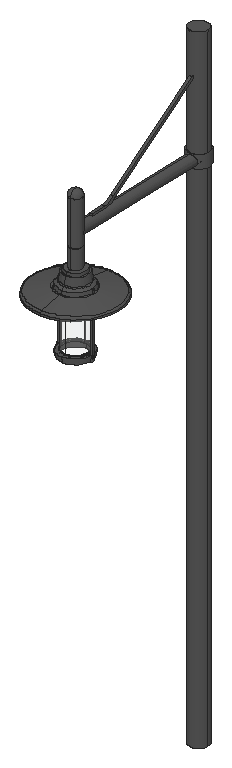
Revit family "Lighting - Current - Slide Pendant2", category Lighting Fixtures, host Face, Revit 2019
Family settings
  Host = Face
  Round Connector Dimension = Use Diameter
  Part Type = Normal
  OmniClass Number = 23.80.70.14
  OmniClass Title = Luminaries for External Lighting
  Cut with Voids When Loaded = No
  Light Source = Yes
  Shared = No
  Room Calculation Point = No
Parameters
  Wattage Comments = "25-112W"  # constant formula
  Wattage = 9.2903 W
  built-in parameter 1150110 = 1 (stored number, unit not read)
  Voltage Comments = "120-277V"  # constant formula
  Voltage = 277 V
  URL = "https://www.currentlighting.com/aal"
  Type Comments = "Light Fixture"  # constant formula
  built-in parameter 1114217 = 1 (stored number, unit not read)
  Tilt Angle = 90.00°
  built-in parameter 1150109 = 1 (stored number, unit not read)
  built-in parameter 1150134 = 3
  built-in parameter 1150113 = 1 (stored number, unit not read)
  Shade - Straight (STS) [instance] = yes
  Product Page URL = "https://www.currentlighting.com/outdoor-lighting/slide-pendant/419894"
  Product Documentation Link = "https://cdn.currentlighting.com/site/specsheet/aal_sld_pendant_spec.pdf"
  Power Factor = 0.9  # constant formula
  Pole Height [instance] = 200.000"
  Photometry Note = "Please load ies file listed under Photometric Web File for accurate rendering."  # constant formula
  Photometric Web File = "SLD2-CM-4S-NL-80L-110-5K7-5QW-XXX.ies"
  Mounting = "Please Refer to the Product Spec Sheet for Mounting Options"  # constant formula
  Model = "Slide - Pendant"  # constant formula
  Manufacturer Email = "https://www.currentlighting.com/contact-us"
  Manufacturer Address = "701 Millenium Blvd,Greenville, SC"  # constant formula
  Manufacturer = "Current Lighting"  # constant formula
  built-in parameter 1150105 = 109.82 (stored number, unit not read)
  Lumens = 1380 lm
  built-in parameter 1150115 = 1 (stored number, unit not read)
  Load Classification = Lighting
  built-in parameter 1150137 = (empty or 0)
  built-in parameter 1150139 = (empty or 0)
  Lens Material = Glass - Current - Transparent
  Lens = yes
  built-in parameter 1150112 = 1 (stored number, unit not read)
  built-in parameter 1150114 = 1 (stored number, unit not read)
  Lamp = "LED"
  LED = LED - Current -  Yellow
  Installation and Service URL = "https://cdn.currentlighting.com/site/installationmanuals/aal_slide_ins.pdf"
  built-in parameter 1150132 = (empty or 0)
  built-in parameter 1150102 = (empty or 0)
  built-in parameter 1150107 = 3200 (stored number, unit not read)
  built-in parameter 1150138 = (empty or 0)
  built-in parameter 1150106 = 1.0982 (stored number, unit not read)
  Housing Material = Paint - Current - Black
  Shade - Flat (FTS) [instance] = no
  Features = "Pendant mount can be integrated onto a variety of decorative arms\r\n3 different shade options (flat, straight, or curve) as well as the ability to have no shade without affecting the performance\r\nA set of three rings can be included on any luminaire configuration to add visual interest or block direct view of LEDs\r\nChoice of 2 or 4 struts to customize based on the application preference\r\nSlide has been designed to offer configurations with or without a lens."  # constant formula
  built-in parameter 1150104 = 13.8 (stored number, unit not read)
  Distribution Patterns = ""
  Dimming Lamp Color Temperature Shift = <None>
  Dimmimng Protocol = "0-10V, 10%-100%, Dusk to Dawn, Scheduling"  # constant formula
  Description = "Slide pendant mount can be integrated onto a variety of decorative arms, giving the luminaire the ability to transform to any setting. The open bottom design also reduces the amount of light lost at nadar, resulting in a higher efficacy product."  # constant formula
  Default Elevation = 48.000"
  Shade - Curve (CTS) [instance] = no
  Copyright = "COPYRIGHT © 2022 HLI SOLUTIONS, INC."  # constant formula
  Controller = "Please Refer to the Product Spec Sheet for Control Options"  # constant formula
  Contact Us = "https://www.currentlighting.com/contact-us"
  Color Rendering Index = ""
  Color Filter = 16777215
  built-in parameter 1114218 = 1 (stored number, unit not read)
  built-in parameter 1150133 = 10 (stored number, unit not read)
  Assembly Code = "D5020200"
  Apparent Load = Wattage  # 9.2903 W
  4 STRUT [instance] = not([2 STRUT])  # no
  3 DECORATIVE RINGS [instance] = yes
  2 STRUT [instance] = yes
Reference planes (in)
  plane 1 "Center (Front/Back)": y = 0
  plane 2: z = 0
  plane 3 "Center (Left/Right)": x = 0
  plane 4: z = 200
  plane 5: z = 166
  plane 6: z = 162
  plane 7: z = 164
  plane 8: z = 164
  plane 9: z = 173.84252
  plane 10: z = 154.15748
  plane 11: z = 175.81102
  plane 12: z = 157.01181
  plane 13: y = -48
  plane 14: y = -48.88583
  plane 15: y = -49.9685
  plane 16: z = 160.26181
  plane 17: z = 159.76181
  plane 18: y = -49.5
  plane 19: z = 164
  plane 20: z = 148.83181
  plane 21: z = 164
  plane 22: z = 165.78205
  plane 23: y = -42
  plane 24: y = -37
  plane 25: y = -33.5
  plane 26: z = 167.28205
  plane 27: z = 188.78205
  plane 28: z = 165.69929
  plane 29: z = 166.19929
  plane 30: x = 0.5
  plane 31: x = -0.5
Forms (in)
  Extrusion 1, solid, material "Paint - Current - Black" <- "Housing Material"
    sketch origin (0, 0, 0) x (1, 0, 0) y (0, 1, 0)
      loop
        circle (0, 0) r 2.95276
    from 0 to 200
  Sweep 2, solid, material "Paint - Current - Black" <- "Housing Material"
    path origin (0, 0, 0) x (1, 0, 0) y (0, 0, 1)
      loop
        line (0, 166) -> (0, 162)
    profile origin (0, 0, 164) x (0, -1, 0) y (1, 0, 0)
      loop
        circle (0, 0) r 2.95276
      loop
        circle (0, 0) r 3.34646
  Sweep 3, solid, material "Paint - Current - Black" <- "Housing Material"
    path origin (0, 0, 0) x (0, 1, 0) y (0, 0, 1)
      loop
        line (0, 164) -> (-48, 164)
    profile origin (0, -24, 164) x (0, 0, -1) y (1, 0, 0)
      loop
        circle (0, 0) r 1.77165
  Revolve 4, solid, material "Paint - Current - Black" <- "Housing Material"
    sketch origin (0, 0, 0) x (0, 1, 0) y (0, 0, 1)
      loop
        line (-49.9685, 154.15748) -> (-48.88583, 154.15748) -> (-48.88583, 157.01181) -> (-48, 157.01181) -> (-48, 175.81102)
        arc (-48, 175.81102) -> (-49.39194, 175.23446) -> (-49.9685, 173.84252) r 1.9685
        line (-49.9685, 173.84252) -> (-49.9685, 160.26181) -> (-49.5, 160.26181) -> (-49.5, 159.76181) -> (-49.9685, 159.76181) -> (-49.9685, 154.15748)
      axis (-48, 175.81102) -> (-48, 154.15748)
    angle from 0 to 360
  Sweep 5, solid, material "Paint - Current - Black" <- "Housing Material"
    path origin (0, 0, 0) x (0, 1, 0) y (0, 0, 1)
      loop
        line (-42, 165.78205) -> (-37, 165.78205)
        arc (-37, 165.78205) -> (-35.09606, 166.17285) -> (-33.5, 167.28205) r 4.83333
        line (-33.5, 167.28205) -> (-0.02381, 188.78205)
    profile origin (0, -39.5, 165.78205) x (0, 0, 1) y (1, 0, 0)
      loop
        line (0.41724, 0.5) -> (-0.08276, 0.5) -> (-0.08276, -0.5) -> (0.41724, -0.5) -> (0.41724, 0.5)
Dimensions and locks (in)
  "Pole Height": plane 4 to level
  locked: plane 4 to plane 7 at 36
  plane 9 to plane 8 to plane 10 = 9.84252" locked, 9.84252" locked
  locked: plane 11 to plane 9 at 1.9685
  locked: plane 12 to plane 10 at 2.85433
  locked: plane 13 to plane 14 at 0.88583
  locked: plane 13 to plane 15 at 1.9685
  locked: plane 16 to plane 17 at 0.5
  locked: plane 13 to plane 18 at 1.5
  locked: plane 17 to plane 12 at 2.75
  locked: plane 19 to plane 4 at 36
  plane 5 to plane 19 to plane 6 = 2.000" locked, 2.000" locked
  locked: plane 4 to plane 8 at 36
  locked: plane 21 to plane 20 at 15.16819
  locked: plane 22 to plane 21 at 1.78205
  locked: plane 24 to plane 23 at 5
  locked: plane 26 to plane 22 at 1.5
  locked: plane 23 to plane 13 at 6
  locked: plane 25 to plane 24 at 3.5
  locked: plane 27 to plane 21 at 24.78205
  equal spacing: plane 31, profile plane, plane 30
  locked: plane 31 to plane 30 at 1
  locked: plane 21 to plane 28 at 1.69929
  locked: plane 28 to plane 29 at 0.5
  locked: plane 13 to plane 1 "Center (Front/Back)" at 48
  locked: plane 4 to plane 21 at 36
  radius of Extrusion 1 sketch curve = 2.95276"
  radius of Sweep 2 sketch curve = 3.34646"
  radius of Sweep 2 sketch curve = 2.95276"
  radius of Sweep 3 sketch curve = 1.77165"
  aligned and locked: plane 2 to host face
  aligned and locked: level to host face
  aligned and locked: plane 1 "Center (Front/Back)" to Extrusion 1 sketch curve
  aligned and locked: plane 3 "Center (Left/Right)" to Extrusion 1 sketch curve
  aligned and locked: Extrusion 1 to host face
  aligned and locked: plane 4 to Extrusion 1
  aligned and locked: plane 5 to Sweep 2 sketch curve
  aligned and locked: plane 6 to Sweep 2 sketch curve
  aligned and locked: Sweep 2 sketch curve to plane 3 "Center (Left/Right)"
  aligned and locked: plane 1 "Center (Front/Back)" to Sweep 3 sketch curve
  aligned and locked: plane 10 to Revolve 4 sketch curve
  aligned and locked: plane 11 to Revolve 4 sketch curve
  aligned and locked: plane 9 to Revolve 4 sketch curve
  aligned and locked: Revolve 4 sketch curve to plane 12
  aligned and locked: plane 13 to Sweep 3 sketch curve
  aligned and locked: Revolve 4 sketch curve to plane 13  (x2)
  aligned and locked: Revolve 4 sketch curve to plane 14
  aligned and locked: plane 13 to nested 1
  aligned and locked: Revolve 4 sketch curve to plane 15  (x2)
  aligned and locked: plane 16 to Revolve 4 sketch curve
  aligned and locked: Revolve 4 sketch curve to plane 18
  aligned and locked: Revolve 4 sketch curve to plane 17
  aligned and locked: plane 22 to Sweep 5 sketch curve
  aligned and locked: Sweep 5 sketch curve to plane 26
  aligned and locked: Sweep 5 sketch curve to plane 29
  aligned and locked: plane 30 to Sweep 5 sketch curve
  aligned and locked: plane 28 to Sweep 5 sketch curve
  aligned and locked: Sweep 5 sketch curve to plane 31
  aligned and locked: plane 27 to Sweep 5 sketch curve
  aligned and locked: imposter light to plane 20
  aligned and locked: imposter light to nested 1
  aligned and locked: nested 1 to imposter light
Automatic sketch dimensions
  host sketch curve to host sketch curve = 96.000"  (x2)
  Sweep 2 sketch curve to Sweep 2 sketch curve = 0.000"  (x2)
  plane 1 "Center (Front/Back)" to Sweep 2 sketch curve = 0.000"
  Sweep 2 sketch curve to profile plane = 0.000"
  Sweep 3 sketch curve to plane 3 "Center (Left/Right)" = 0.000"
  Sweep 3 sketch curve to profile plane = 0.000"
  plane 4 to Revolve 4 sketch curve = 108.08039"
  Revolve 4 sketch curve to Revolve 4 sketch curve = 11.81102"
  Sweep 3 sketch curve to plane 7 = 0.000"
  Sweep 5 sketch curve to plane 23 = 0.000"
  plane 1 "Center (Front/Back)" to Sweep 5 sketch curve = 0.02381"
  Sweep 5 sketch curve to plane 25 = 0.000"
  Sweep 5 sketch curve to plane 24 = 0.000"
Nested families (in)
  nested 1: "Lighting - Current - Slide" at (0, -48, 157.01181) x (1, 0, 0) z (0, 0, -1), 2 STRUT <- "2 STRUT", 4 STRUT <- "4 STRUT", 3 DECORATIVE RINGS <- "3 DECORATIVE RINGS", type "Lighting - Current - Slide"
    with 4 STRUT no, 3 DECORATIVE RINGS yes, 2 STRUT yes, Flat (FTS) no
Connectors (in)
  electrical at (0, -48, 153.81181), driven by "Voltage", driven by "Apparent Load", driven by "Apparent Load", driven by "Power Factor", driven by "Load Classification"
    settings: on nested 1, index 1, voltage 277 V, apparent load 9.2903 W, apparent load phase1 9.2903 W, apparent load phase2 0 W, apparent load phase3 0 W, power factor 0.9, load classification "Lighting", number of poles 1, system type 30, power factor state 1, is connector primary yes, connector utility no, sub classification motor no, connector description ""
Definition of nested family "Lighting - Current - Slide"
  Parameters (values of type "Lighting - Current - Slide")
    STRAIGHT (STS) = yes
    Flat (FTS) = yes
    Lens Material = none
    Lens = yes
    LED = none
    Housing Material = none
    Default Elevation = 48.000"
    CURVE (CTS) = no
    B = 90.00°
    A = -90.00°
    4 STRUT [instance] = no
    3 DECORATIVE RINGS [instance] = yes
    2 STRUT [instance] = yes
  Reference planes (in)
    plane 1 "Center (Front/Back)": y = 0
    plane 2: z = 0
    plane 3 "Center (Left/Right)": x = 0
    plane 4: y = 0.7
    plane 5: z = 2.8
    plane 6: y = 0.75
    plane 7: y = 0.88
    plane 8: z = 2.93
    plane 9: y = 1.58
    plane 10: z = 3.2
    plane 11: y = 1.58967
    plane 12: y = 3.28967
    plane 13: z = 4.03
    plane 14: y = 3.88967
    plane 15: z = 6.38
    plane 16: y = 4.10967
    plane 17: y = 4.35967
    plane 18: z = 6.78
    plane 19: y = 5.25967
    plane 20: z = 7.48
    plane 21: y = 5.425
    plane 22: z = 8.48
    plane 23: y = 4
    plane 24: y = 4.1
    plane 25: y = 4.2
    plane 26: z = 8.28
    plane 27: z = 8.18
    plane 28: z = 8.38
    plane 29: y = 4.2
    plane 30: y = 4
    plane 31: y = 3.84872
    plane 32: z = 8.38
    plane 33: z = 8.28
    plane 34: z = 25.88
    plane 35: z = 8.63
    plane 36: y = 3.74872
    plane 37: y = 5.2
    plane 38: z = 27.75
    plane 39: z = 27.6
    plane 40: y = 5.05
    plane 41: z = 26
    plane 42: y = 4
    plane 43: z = 26.3
    plane 44: z = 26.2
    plane 45: z = 26.1
    plane 46: y = 4.1
    plane 47: y = 4
    plane 48: z = 26.1
    plane 49: z = 26.2
    plane 50: y = 4.15108
    plane 51: y = 4.6
    plane 52: y = 4.75
    plane 53: z = 8.08
    plane 54: y = 1.85
    plane 55: y = 1.65
    plane 56: y = 1.15
    plane 57: y = 0.95
    plane 58: y = 0.45
    plane 59: y = 0.25
    plane 60: y = -1.85
    plane 61: y = -1.65
    plane 62: y = -1.15
    plane 63: y = -0.95
    plane 64: y = -0.45
    plane 65: y = -0.25
    plane 66: x = -1.85
    plane 67: x = -1.65
    plane 68: x = -1.15
    plane 69: x = -0.95
    plane 70: x = -0.45
    plane 71: x = -0.25
    plane 72: x = 1.85
    plane 73: x = 1.65
    plane 74: x = 1.15
    plane 75: x = 0.95
    plane 76: x = 0.45
    plane 77: x = 0.25
    plane 78: z = 8.25
    plane 79: x = -5.625
    plane 80: z = 7.48
    plane 81: z = 7.66
    plane 82: x = -5.55
    plane 83: x = -5.25967
    plane 84: z = 8.44
    plane 85: x = -5.42334
    plane 86: y = 5.625
    plane 87: z = 26.05
    plane 88: z = 27.55
    plane 89: y = 5.05402
    plane 90: y = 5.19481
    plane 91: z = 27.45
    plane 92: x = -5.40307
    plane 93: y = 5.625
    plane 94: z = 7.48
    plane 95: z = 7.66
    plane 96: y = 5.55
    plane 97: y = 5.25967
    plane 98: z = 8.44
    plane 99: y = 5.42334
    plane 100: y = 5.40307
    plane 101: y = -5.625
    plane 102: z = 7.48
    plane 103: z = 7.66
    plane 104: y = -5.55
    plane 105: y = -5.25967
    plane 106: z = 8.44
    plane 107: y = -5.42334
    plane 108: y = -5.40307
    plane 109: x = 5.625
    plane 110: z = 7.48
    plane 111: z = 7.66
    plane 112: x = 5.55
    plane 113: x = 5.25967
    plane 114: z = 8.44
    plane 115: x = 5.42334
    plane 116: x = 5.40307
    plane 117: x = 5.625
    plane 118: z = 26.05
    plane 119: z = 27.55
    plane 120: x = 5.05402
    plane 121: x = 5.19481
    plane 122: z = 27.45
    plane 123: x = -5.625
    plane 124: z = 26.05
    plane 125: z = 27.55
    plane 126: x = -5.05402
    plane 127: x = -5.19481
    plane 128: z = 27.45
    plane 129: y = -5.625
    plane 130: z = 26.05
    plane 131: z = 27.55
    plane 132: y = -5.05402
    plane 133: y = -5.19481
    plane 134: z = 27.45
    plane 135: z = 26.82
    plane 136: x = 5.1
    plane 137: x = 5.4636
    plane 138: z = 26.82
    plane 139: y = -5.1
    plane 140: y = -5.4636
    plane 141: z = 26.82
    plane 142: y = 5.1
    plane 143: y = 5.4636
    plane 144: z = 26.82
    plane 145: x = -5.1
    plane 146: x = -5.4636
    plane 147: x = 5.1
    plane 148: z = 26.82
    plane 149: x = 5.4636
    plane 150: x = -5.1
    plane 151: z = 26.82
    plane 152: x = -5.4636
    plane 153: z = 11.25
    plane 154: z = 11.4
    plane 155: z = 12.9
    plane 156: z = 13.05
    plane 157: z = 14.55
    plane 158: z = 14.7
    plane 159: x = -4.3
    plane 160: x = -5.9
    plane 161: x = -13.5
    plane 162: z = 10.8
    plane 163: x = -13
    plane 164: z = 10.3
    plane 165: z = 9.8
    plane 166: z = 8.43
    plane 167: x = -5.3
    plane 168: x = -6
    plane 169: y = 13.5
    plane 170: y = 13
    plane 171: z = 10.29589
    plane 172: z = 10.8
    plane 173: z = 9.8
    plane 174: y = 6
    plane 175: z = 8.43
    plane 176: y = 5.29705
    plane 177: z = 8.43
    plane 178: y = -13.5
    plane 179: y = -5.3
    plane 180: y = -13
    plane 181: z = 8.93
  Forms (in)
    Extrusion 1, solid
      sketch origin (0, 0, 0) x (1, 0, 0) y (0, 1, 0)
        loop
          line (-48, 48) -> (-48, -48) -> (48, -48) -> (48, 48) -> (-48, 48)
      from 0 to -12
    Revolve 2, solid, material <- "Housing Material"
      sketch origin (0, 0, 0) x (0, 1, 0) y (0, 0, 1)
        loop
          line (0.75, 2.8) -> (0.88, 2.93) -> (1.58, 2.93) -> (1.58967, 3.2) -> (3.28967, 3.2) -> (3.28967, 4.03) -> (3.88967, 4.03) -> (4.10967, 6.38)
          arc (4.10967, 6.38) -> (4.18729, 6.60961) -> (4.35967, 6.78) r 0.52569
          arc (4.35967, 6.78) -> (4.82966, 7.1043) -> (5.25967, 7.48) r 5.00722
          line (5.25967, 7.48) -> (5.425, 8.48) -> (4, 8.48) -> (4, 8.38) -> (4.2, 8.38) -> (4.2, 8.28) -> (4, 8.28) -> (4, 8.18) -> (0, 8.18) -> (0, 8.08) -> (4.35967, 8.08) -> (4.35967, 8.38) -> (5.30711, 8.38) -> (5.16637, 7.52874)
          arc (5.16637, 7.52874) -> (4.75541, 7.17327) -> (4.30766, 6.86541) r 4.90722
          arc (4.30766, 6.86541) -> (4.10249, 6.66261) -> (4.0101, 6.38932) r 0.62569
          line (4.0101, 6.38932) -> (3.79859, 4.13) -> (3.18967, 4.13) -> (3.18967, 3.3) -> (1.49319, 3.3) -> (1.48352, 3.03) -> (0.83858, 3.03) -> (0.65, 2.84142) -> (0.65, 0.1) -> (0, 0.1) -> (0, 0) -> (0.75, 0) -> (0.75, 2.8)
        axis (0, 0) -> (0, 8.48)
      angle from 0 to 360
    Revolve 3, solid, material <- "Lens Material", visible <- "Lens"
      sketch origin (0, 0, 0) x (0, 1, 0) y (0, 0, 1)
        loop
          line (4.2, 8.28) -> (4.2, 8.38) -> (4, 8.38) -> (4, 8.63) -> (3.84872, 8.63) -> (3.84872, 25.88) -> (4, 25.88) -> (4, 26.1) -> (4.15108, 26.1) -> (4.15108, 26.2) -> (3.74872, 26.2) -> (3.74872, 8.28) -> (4.2, 8.28)
        axis (0, 8.28) -> (0, 26.2)
      angle from 0 to 360
    Revolve 4, solid, material <- "Housing Material"
      sketch origin (0, 0, 0) x (0, 1, 0) y (0, 0, 1)
        loop
          line (4.1, 27.5) -> (4.1, 26.3) -> (4.25, 26.3) -> (4.25, 26.1) -> (5.09019, 26.1) -> (4.95894, 27.5) -> (4.1, 27.5)
        loop
          line (4, 27.6) -> (4, 26.2) -> (4.15, 26.2) -> (4.15, 26.1) -> (4, 26.1) -> (4, 26) -> (5.2, 26) -> (5.05, 27.6) -> (4, 27.6)
        axis (0, 26) -> (0, 27.6)
      angle from 0 to 360
    Revolve 5, solid, material <- "Housing Material"
      sketch origin (0, 0, 0) x (0, 1, 0) y (0, 0, 1)
        loop
          arc (4.75, 27.6) -> (4.70607, 27.70607) -> (4.6, 27.75) r 0.15
          line (4.6, 27.75) -> (4.6, 27.6) -> (4.75, 27.6)
        axis (4.6, 27.6) -> (4.6, 27.75)
      angle from 0 to 360
    Revolve 6, solid, material <- "Housing Material"
      sketch origin (0, 0, 0) x (1, 0, 0) y (0, 0, 1)
        loop
          arc (4.75, 27.6) -> (4.70607, 27.70607) -> (4.6, 27.75) r 0.15
          line (4.6, 27.75) -> (4.6, 27.6) -> (4.75, 27.6)
        axis (4.6, 27.6) -> (4.6, 27.75)
      angle from 0 to 360
    Revolve 7, solid, material <- "Housing Material"
      sketch origin (0, 0, 0) x (-1, 0, 0) y (0, 0, 1)
        loop
          arc (4.75, 27.6) -> (4.70607, 27.70607) -> (4.6, 27.75) r 0.15
          line (4.6, 27.75) -> (4.6, 27.6) -> (4.75, 27.6)
        axis (4.6, 27.6) -> (4.6, 27.75)
      angle from 0 to 360
    Revolve 8, solid, material <- "Housing Material"
      sketch origin (0, 0, 0) x (0, -1, 0) y (0, 0, 1)
        loop
          arc (4.75, 27.6) -> (4.70607, 27.70607) -> (4.6, 27.75) r 0.15
          line (4.6, 27.75) -> (4.6, 27.6) -> (4.75, 27.6)
        axis (4.6, 27.6) -> (4.6, 27.75)
      angle from 0 to 360
    Extrusion 9, solid, material <- "LED"
      sketch origin (0, 0, 0) x (1, 0, 0) y (0, 1, 0)
        loop
          line (-1.85, 1.85) -> (-1.85, 1.65) -> (-1.65, 1.65) -> (-1.65, 1.85) -> (-1.85, 1.85)
        loop
          line (-0.45, 1.85) -> (-0.45, 1.65) -> (-0.25, 1.65) -> (-0.25, 1.85) -> (-0.45, 1.85)
        loop
          line (0.25, 1.85) -> (0.25, 1.65) -> (0.45, 1.65) -> (0.45, 1.85) -> (0.25, 1.85)
        loop
          line (-1.15, 1.85) -> (-1.15, 1.65) -> (-0.95, 1.65) -> (-0.95, 1.85) -> (-1.15, 1.85)
        loop
          line (0.95, 1.85) -> (0.95, 1.65) -> (1.15, 1.65) -> (1.15, 1.85) -> (0.95, 1.85)
        loop
          line (1.65, 1.85) -> (1.65, 1.65) -> (1.85, 1.65) -> (1.85, 1.85) -> (1.65, 1.85)
        loop
          line (1.85, 0.95) -> (1.85, 1.15) -> (1.65, 1.15) -> (1.65, 0.95) -> (1.85, 0.95)
        loop
          line (1.85, 0.25) -> (1.85, 0.45) -> (1.65, 0.45) -> (1.65, 0.25) -> (1.85, 0.25)
        loop
          line (1.85, -0.45) -> (1.85, -0.25) -> (1.65, -0.25) -> (1.65, -0.45) -> (1.85, -0.45)
        loop
          line (1.85, -1.15) -> (1.85, -0.95) -> (1.65, -0.95) -> (1.65, -1.15) -> (1.85, -1.15)
        loop
          line (1.85, -1.85) -> (1.85, -1.65) -> (1.65, -1.65) -> (1.65, -1.85) -> (1.85, -1.85)
        loop
          line (1.15, -1.85) -> (1.15, -1.65) -> (0.95, -1.65) -> (0.95, -1.85) -> (1.15, -1.85)
        loop
          line (0.45, -1.85) -> (0.45, -1.65) -> (0.25, -1.65) -> (0.25, -1.85) -> (0.45, -1.85)
        loop
          line (-0.25, -1.85) -> (-0.25, -1.65) -> (-0.45, -1.65) -> (-0.45, -1.85) -> (-0.25, -1.85)
        loop
          line (-0.95, -1.85) -> (-0.95, -1.65) -> (-1.15, -1.65) -> (-1.15, -1.85) -> (-0.95, -1.85)
        loop
          line (-1.65, -1.85) -> (-1.65, -1.65) -> (-1.85, -1.65) -> (-1.85, -1.85) -> (-1.65, -1.85)
        loop
          line (-1.85, -1.15) -> (-1.65, -1.15) -> (-1.65, -0.95) -> (-1.85, -0.95) -> (-1.85, -1.15)
        loop
          line (-1.85, -0.45) -> (-1.65, -0.45) -> (-1.65, -0.25) -> (-1.85, -0.25) -> (-1.85, -0.45)
        loop
          line (-1.65, 0.25) -> (-1.65, 0.45) -> (-1.85, 0.45) -> (-1.85, 0.25) -> (-1.65, 0.25)
        loop
          line (-1.65, 0.95) -> (-1.65, 1.15) -> (-1.85, 1.15) -> (-1.85, 0.95) -> (-1.65, 0.95)
        loop
          line (0.95, 0.95) -> (1.15, 0.95) -> (1.15, 1.15) -> (0.95, 1.15) -> (0.95, 0.95)
        loop
          line (0.95, 0.45) -> (0.95, 0.25) -> (1.15, 0.25) -> (1.15, 0.45) -> (0.95, 0.45)
        loop
          line (0.25, 1.15) -> (0.25, 0.95) -> (0.45, 0.95) -> (0.45, 1.15) -> (0.25, 1.15)
        loop
          line (0.45, 0.45) -> (0.25, 0.45) -> (0.25, 0.25) -> (0.45, 0.25) -> (0.45, 0.45)
        loop
          line (-0.25, 0.25) -> (-0.25, 0.45) -> (-0.45, 0.45) -> (-0.45, 0.25) -> (-0.25, 0.25)
        loop
          line (-0.45, 1.15) -> (-0.45, 0.95) -> (-0.25, 0.95) -> (-0.25, 1.15) -> (-0.45, 1.15)
        loop
          line (-0.95, 0.95) -> (-0.95, 1.15) -> (-1.15, 1.15) -> (-1.15, 0.95) -> (-0.95, 0.95)
        loop
          line (-1.15, 0.45) -> (-1.15, 0.25) -> (-0.95, 0.25) -> (-0.95, 0.45) -> (-1.15, 0.45)
        loop
          line (-1.15, -0.25) -> (-1.15, -0.45) -> (-0.95, -0.45) -> (-0.95, -0.25) -> (-1.15, -0.25)
        loop
          line (-1.15, -1.15) -> (-0.95, -1.15) -> (-0.95, -0.95) -> (-1.15, -0.95) -> (-1.15, -1.15)
        loop
          line (-0.45, -0.95) -> (-0.45, -1.15) -> (-0.25, -1.15) -> (-0.25, -0.95) -> (-0.45, -0.95)
        loop
          line (0.25, -0.95) -> (0.25, -1.15) -> (0.45, -1.15) -> (0.45, -0.95) -> (0.25, -0.95)
        loop
          line (0.95, -0.95) -> (0.95, -1.15) -> (1.15, -1.15) -> (1.15, -0.95) -> (0.95, -0.95)
        loop
          line (-0.45, -0.25) -> (-0.45, -0.45) -> (-0.25, -0.45) -> (-0.25, -0.25) -> (-0.45, -0.25)
        loop
          line (0.25, -0.25) -> (0.25, -0.45) -> (0.45, -0.45) -> (0.45, -0.25) -> (0.25, -0.25)
        loop
          line (0.95, -0.25) -> (0.95, -0.45) -> (1.15, -0.45) -> (1.15, -0.25) -> (0.95, -0.25)
      from 8.18 to 8.25
    Revolve 10, solid, material <- "Housing Material"
      sketch origin (0, 0, 0) x (-1, 0, 0) y (0, 0, 1)
        loop
          line (5.55, 7.66) -> (5.62134, 8.44) -> (5.40307, 8.44) -> (5.25868, 7.48006)
          arc (5.25868, 7.48006) -> (5.43301, 7.52361) -> (5.55, 7.66) r 0.29588
        axis (5.16637, 7.48006) -> (5.16637, 8.44)
      angle from 90 <- "B" to -90 <- "A"
    Revolve 11, solid, material <- "Housing Material", visible <- "4 STRUT"
      sketch origin (0, 0, 0) x (0, 1, 0) y (0, 0, 1)
        loop
          line (5.19481, 26.05) -> (5.625, 26.05) -> (5.625, 27.45)
          arc (5.625, 27.45) -> (5.34433, 27.52754) -> (5.05402, 27.55) r 1.51648
          line (5.05402, 27.55) -> (5.19481, 26.05)
        axis (5.05402, 27.55) -> (5.05402, 26.05)
      angle from 90 <- "B" to -90 <- "A"
    Revolve 12, solid, material <- "Housing Material", visible <- "4 STRUT"
      sketch origin (0, 0, 0) x (0, 1, 0) y (0, 0, 1)
        loop
          line (5.55, 7.66) -> (5.62134, 8.44) -> (5.40307, 8.44) -> (5.25868, 7.48006)
          arc (5.25868, 7.48006) -> (5.43301, 7.52361) -> (5.55, 7.66) r 0.29588
        axis (5.16637, 7.48006) -> (5.16637, 8.44)
      angle from 90 <- "B" to -90 <- "A"
    Revolve 13, solid, material <- "Housing Material", visible <- "4 STRUT"
      sketch origin (0, 0, 0) x (0, -1, 0) y (0, 0, 1)
        loop
          line (5.55, 7.66) -> (5.62134, 8.44) -> (5.40307, 8.44) -> (5.25868, 7.48006)
          arc (5.25868, 7.48006) -> (5.43301, 7.52361) -> (5.55, 7.66) r 0.29588
        axis (5.16637, 7.48006) -> (5.16637, 8.44)
      angle from 90 <- "B" to -90 <- "A"
    Revolve 14, solid, material <- "Housing Material"
      sketch origin (0, 0, 0) x (1, 0, 0) y (0, 0, 1)
        loop
          line (5.55, 7.66) -> (5.62134, 8.44) -> (5.40307, 8.44) -> (5.25868, 7.48006)
          arc (5.25868, 7.48006) -> (5.43301, 7.52361) -> (5.55, 7.66) r 0.29588
        axis (5.16637, 7.48006) -> (5.16637, 8.44)
      angle from 90 <- "B" to -90 <- "A"
    Revolve 15, solid, material <- "Housing Material"
      sketch origin (0, 0, 0) x (1, 0, 0) y (0, 0, 1)
        loop
          line (5.19481, 26.05) -> (5.625, 26.05) -> (5.625, 27.45)
          arc (5.625, 27.45) -> (5.34433, 27.52754) -> (5.05402, 27.55) r 1.51648
          line (5.05402, 27.55) -> (5.19481, 26.05)
        axis (5.05402, 27.55) -> (5.05402, 26.05)
      angle from 90 <- "B" to -90 <- "A"
    Revolve 16, solid, material <- "Housing Material"
      sketch origin (0, 0, 0) x (-1, 0, 0) y (0, 0, 1)
        loop
          line (5.19481, 26.05) -> (5.625, 26.05) -> (5.625, 27.45)
          arc (5.625, 27.45) -> (5.34433, 27.52754) -> (5.05402, 27.55) r 1.51648
          line (5.05402, 27.55) -> (5.19481, 26.05)
        axis (5.05402, 27.55) -> (5.05402, 26.05)
      angle from 90 <- "B" to -90 <- "A"
    Revolve 17, solid, material <- "Housing Material", visible <- "4 STRUT"
      sketch origin (0, 0, 0) x (0, -1, 0) y (0, 0, 1)
        loop
          line (5.19481, 26.05) -> (5.625, 26.05) -> (5.625, 27.45)
          arc (5.625, 27.45) -> (5.34433, 27.52754) -> (5.05402, 27.55) r 1.51648
          line (5.05402, 27.55) -> (5.19481, 26.05)
        axis (5.05402, 27.55) -> (5.05402, 26.05)
      angle from 90 <- "B" to -90 <- "A"
    Revolve 18, solid, material <- "Housing Material", visible <- "4 STRUT"
      sketch origin (0, 0, 0) x (1, 0, 0) y (0, 0, 1)
        loop
          line (5.1, 8.25) -> (5.4636, 8.25) -> (5.4636, 26.82) -> (5.1, 26.82) -> (5.1, 8.25)
        axis (5.1, 8.25) -> (5.1, 26.82)
      angle from 0 to 360
    Revolve 19, solid, material <- "Housing Material", visible <- "4 STRUT"
      sketch origin (0, 0, 0) x (0, -1, 0) y (0, 0, 1)
        loop
          line (5.1, 8.25) -> (5.4636, 8.25) -> (5.4636, 26.82) -> (5.1, 26.82) -> (5.1, 8.25)
        axis (5.1, 8.25) -> (5.1, 26.82)
      angle from 0 to 360
    Revolve 20, solid, material <- "Housing Material", visible <- "4 STRUT"
      sketch origin (0, 0, 0) x (0, 1, 0) y (0, 0, 1)
        loop
          line (5.1, 8.25) -> (5.4636, 8.25) -> (5.4636, 26.82) -> (5.1, 26.82) -> (5.1, 8.25)
        axis (5.1, 8.25) -> (5.1, 26.82)
      angle from 0 to 360
    Revolve 21, solid, material <- "Housing Material", visible <- "4 STRUT"
      sketch origin (0, 0, 0) x (-1, 0, 0) y (0, 0, 1)
        loop
          line (5.1, 8.25) -> (5.4636, 8.25) -> (5.4636, 26.82) -> (5.1, 26.82) -> (5.1, 8.25)
        axis (5.1, 8.25) -> (5.1, 26.82)
      angle from 0 to 360
    Revolve 22, solid, material <- "Housing Material", visible <- "2 STRUT"
      sketch origin (0, 0, 0) x (1, 0, 0) y (0, 0, 1)
        loop
          line (5.1, 26.82) -> (5.1, 8.25) -> (5.4636, 8.25) -> (5.4636, 26.82) -> (5.1, 26.82)
        axis (5.1, 8.25) -> (5.1, 26.82)
      angle from 0 to 360
    Revolve 23, solid, material <- "Housing Material", visible <- "2 STRUT"
      sketch origin (0, 0, 0) x (-1, 0, 0) y (0, 0, 1)
        loop
          line (5.1, 26.82) -> (5.1, 8.25) -> (5.4636, 8.25) -> (5.4636, 26.82) -> (5.1, 26.82)
        axis (5.1, 8.25) -> (5.1, 26.82)
      angle from 0 to 360
    Revolve 24, solid, material <- "Housing Material", visible <- "3 DECORATIVE RINGS"
      sketch origin (0, 0, 0) x (1, 0, 0) y (0, 0, 1)
        loop
          line (-4.3, 14.7) -> (-5.9, 14.7) -> (-5.9, 14.55) -> (-4.3, 14.55) -> (-4.3, 14.7)
        loop
          line (-4.3, 13.05) -> (-5.9, 13.05) -> (-5.9, 12.9) -> (-4.3, 12.9) -> (-4.3, 13.05)
        loop
          line (-4.3, 11.4) -> (-5.9, 11.4) -> (-5.9, 11.25) -> (-4.3, 11.25) -> (-4.3, 11.4)
        axis (0, 11.25) -> (0, 14.7)
      angle from 0 to 360
    Revolve 25, solid, material <- "Housing Material", visible <- "CURVE (CTS)"
      sketch origin (0, 0, 0) x (1, 0, 0) y (0, 0, 1)
        loop
          line (-13.5, 10.8) -> (-13.5, 10.3)
          arc (-13.5, 10.3) -> (-13.35355, 9.94645) -> (-13, 9.8) r 0.5
          arc (-13, 9.8) -> (-9.4336, 9.45428) -> (-6, 8.43) r 18.56821
          line (-6, 8.43) -> (-5.3, 8.43) -> (-5.3, 8.48) -> (-5.99022, 8.48)
          arc (-5.99022, 8.48) -> (-9.4288, 9.50429) -> (-13, 9.85) r 18.61821
          arc (-13, 9.85) -> (-13.3182, 9.9818) -> (-13.45, 10.3) r 0.45
          line (-13.45, 10.3) -> (-13.45, 10.8) -> (-13.5, 10.8)
        axis (0, 8.43) -> (0, 10.8)
      angle from 0 to 360
    Revolve 26, solid, material <- "Housing Material", visible <- "STRAIGHT (STS)"
      sketch origin (0, 0, 0) x (0, 1, 0) y (0, 0, 1)
        loop
          line (13.5, 10.8) -> (13.45, 10.8) -> (13.45, 10.30105)
          arc (13.45, 10.30105) -> (13.2881, 10.00601) -> (12.9904, 9.84907) r 0.58476
          line (12.9904, 9.84907) -> (5.99515, 8.48) -> (5.29705, 8.48) -> (5.29705, 8.43) -> (6, 8.43) -> (13, 9.8)
          arc (13, 9.8) -> (13.32507, 9.97225) -> (13.5, 10.29589) r 0.63476
          line (13.5, 10.29589) -> (13.5, 10.8)
        axis (0, 8.43) -> (0, 10.8)
      angle from 0 to 360
    Revolve 27, solid, material <- "Housing Material", visible <- "Flat (FTS)"
      sketch origin (0, 0, 0) x (0, 1, 0) y (0, 0, 1)
        loop
          arc (-13.5, 8.93) -> (-13.35355, 8.57645) -> (-13, 8.43) r 0.5
          line (-13, 8.43) -> (-5.3, 8.43) -> (-5.3, 8.48) -> (-13, 8.48)
          arc (-13, 8.48) -> (-13.3182, 8.6118) -> (-13.45, 8.93) r 0.45
          line (-13.45, 8.93) -> (-13.5, 8.93)
        axis (0, 8.43) -> (0, 8.93)
      angle from 0 to 360
  Dimensions and locks (in)
    locked: plane 1 "Center (Front/Back)" to plane 4 at 0.7
    locked: plane 5 to Extrusion 1 at 2.8
    locked: plane 4 to plane 6 at 0.05
    locked: plane 6 to plane 7 at 0.13
    locked: plane 8 to plane 5 at 0.13
    locked: plane 7 to plane 9 at 0.7
    locked: plane 10 to plane 8 at 0.27
    locked: plane 9 to plane 11 at 0.00967
    locked: plane 11 to plane 12 at 1.7
    locked: plane 13 to plane 10 at 0.83
    locked: plane 12 to plane 14 at 0.6
    locked: plane 15 to plane 13 at 2.35
    locked: plane 14 to plane 16 at 0.22
    locked: plane 16 to plane 17 at 0.25
    locked: plane 18 to plane 15 at 0.4
    locked: plane 20 to plane 18 at 0.7
    locked: plane 1 "Center (Front/Back)" to plane 23 at 4
    locked: Revolve 2 sketch curve to Revolve 2 sketch curve at 0.1  (x12)
    locked: plane 23 to plane 24 at 0.1
    locked: plane 24 to plane 25 at 0.1
    locked: plane 26 to plane 27 at 0.1
    locked: plane 22 to plane 26 at 0.2
    locked: plane 22 to plane 28 at 0.1
    locked: plane 33 to Extrusion 1 at 8.28
    locked: plane 32 to plane 33 at 0.1
    locked: plane 1 "Center (Front/Back)" to plane 31 at 3.84872
    locked: plane 31 to plane 30 at 0.15128
    locked: plane 30 to plane 29 at 0.2
    locked: plane 34 to Extrusion 1 at 25.88
    locked: plane 35 to plane 33 at 0.35
    locked: plane 36 to plane 31 at 0.1
    locked: plane 1 "Center (Front/Back)" to plane 37 at 5.2
    locked: plane 38 to level at 27.75
    locked: plane 38 to plane 39 at 0.15
    locked: plane 40 to plane 37 at 0.15
    locked: plane 1 "Center (Front/Back)" to plane 42 at 4
    locked: plane 43 to plane 41 at 0.3
    equal spacing: plane 43, plane 44, plane 45, plane 41, locked at 0.1 each
    plane 42 to plane 46 = 0.100"
    locked: plane 1 "Center (Front/Back)" to plane 47 at 4
    locked: Revolve 4 sketch curve to Revolve 4 sketch curve at 0.1  (x3)
    locked: plane 19 to plane 21 at 0.16533
    locked: plane 51 to plane 37 at 0.6
    locked: plane 51 to plane 52 at 0.15
    locked: plane 27 to plane 53 at 0.1
    plane 54 to plane 55 to plane 56 to plane 57 to plane 4 to plane 58 to plane 59 to plane 1 "Center (Front/Back)" to plane 65 to plane 64 to plane 63 to plane 62 to plane 61 to plane 60 = 0.200" locked, 0.500" locked, 0.200" locked, 0.250" locked, 0.250" locked, 0.200" locked, 0.250" locked, 0.250" locked, 0.200" locked, 0.500" locked, 0.200" locked, 0.500" locked, 0.200" locked
    plane 66 to plane 67 to plane 68 to plane 69 to plane 70 to plane 71 to plane 77 to plane 76 to plane 75 to plane 74 to plane 73 to plane 72 = 0.200" locked, 0.500" locked, 0.200" locked, 0.500" locked, 0.200" locked, 0.500" locked, 0.200" locked, 0.500" locked, 0.200" locked, 0.500" locked, 0.200" locked
    locked: Extrusion 1 to plane 78 at 8.25
    locked: plane 81 to plane 80 at 0.18
    locked: plane 82 to plane 79 at 0.075
    locked: plane 83 to plane 82 at 0.29033
    locked: plane 85 to plane 79 at 0.20166
    locked: plane 89 to plane 86 at 0.57098
    locked: plane 90 to plane 86 at 0.43019
    locked: plane 88 to plane 91 at 0.1
    locked: plane 84 to plane 81 at 0.78
    locked: plane 82 to plane 92 at 0.14693
    locked: plane 95 to plane 94 at 0.18
    locked: plane 98 to plane 95 at 0.78
    locked: plane 96 to plane 100 at 0.14693
    locked: plane 103 to plane 102 at 0.18
    locked: plane 106 to plane 103 at 0.78
    locked: plane 104 to plane 108 at 0.14693
    locked: plane 111 to plane 110 at 0.18
    locked: plane 109 to plane 112 at 0.075
    locked: plane 112 to plane 113 at 0.29033
    locked: plane 109 to plane 115 at 0.20166
    locked: plane 114 to plane 111 at 0.78
    locked: plane 112 to plane 116 at 0.14693
    locked: plane 82 to plane 3 "Center (Left/Right)" at 5.55
    locked: plane 80 to Extrusion 1 at 7.48
    locked: plane 110 to Extrusion 1 at 7.48
    locked: plane 109 to plane 3 "Center (Left/Right)" at 5.625
    locked: plane 93 to plane 1 "Center (Front/Back)" at 5.625
    locked: plane 94 to Extrusion 1 at 7.48
    locked: plane 102 to Extrusion 1 at 7.48
    locked: plane 1 "Center (Front/Back)" to plane 101 at 5.625
    locked: plane 120 to plane 117 at 0.57098
    locked: plane 121 to plane 117 at 0.43019
    locked: plane 119 to plane 122 at 0.1
    locked: plane 126 to plane 123 at 0.57098
    locked: plane 127 to plane 123 at 0.43019
    locked: plane 125 to plane 128 at 0.1
    locked: plane 132 to plane 129 at 0.57098
    locked: plane 133 to plane 129 at 0.43019
    locked: plane 131 to plane 134 at 0.1
    locked: plane 123 to plane 3 "Center (Left/Right)" at 5.625
    locked: plane 128 to Extrusion 1 at 27.45
    locked: plane 122 to Extrusion 1 at 27.45
    locked: plane 117 to plane 3 "Center (Left/Right)" at 5.625
    locked: plane 86 to plane 1 "Center (Front/Back)" at 5.625
    locked: plane 91 to Extrusion 1 at 27.45
    locked: plane 134 to Extrusion 1 at 27.45
    locked: plane 1 "Center (Front/Back)" to plane 129 at 5.625
    locked: plane 137 to plane 136 at 0.3636
    locked: plane 140 to plane 139 at 0.3636
    locked: plane 143 to plane 142 at 0.3636
    locked: plane 146 to plane 145 at 0.3636
    locked: plane 3 "Center (Left/Right)" to Revolve 21 sketch curve at 5.1
    locked: plane 145 to plane 3 "Center (Left/Right)" at 5.1
    plane 5 to Revolve 10 to plane 144 = 5.640" locked, 18.380" locked
    locked: plane 136 to plane 3 "Center (Left/Right)" at 5.1
    locked: plane 135 to plane 39 at 0.78
    locked: plane 38 to plane 138 at 0.93
    locked: plane 1 "Center (Front/Back)" to plane 139 at 5.1
    locked: plane 39 to plane 141 at 0.78
    locked: plane 142 to plane 1 "Center (Front/Back)" at 5.1
    locked: plane 38 to plane 148 at 0.93
    locked: plane 147 to plane 3 "Center (Left/Right)" at 5.1
    locked: plane 149 to plane 147 at 0.3636
    locked: plane 152 to plane 150 at 0.3636
    locked: plane 150 to plane 3 "Center (Left/Right)" at 5.1
    locked: plane 38 to plane 151 at 0.93
    locked: Revolve 2 sketch curve to Extrusion 1 at 0.1
    locked: plane 6 to plane 1 "Center (Front/Back)" at 0.75
    locked: plane 153 to plane 154 at 0.15
    locked: plane 155 to plane 156 at 0.15
    locked: plane 157 to plane 158 at 0.15
    locked: Extrusion 1 to plane 153 at 11.25
    locked: plane 154 to plane 155 at 1.5
    locked: plane 156 to plane 157 at 1.5
    locked: plane 3 "Center (Left/Right)" to plane 159 at 4.3
    locked: plane 160 to plane 159 at 1.6
    locked: plane 161 to plane 3 "Center (Left/Right)" at 13.5
    locked: Extrusion 1 to plane 162 at 10.8
    locked: plane 161 to plane 163 at 0.5
    locked: plane 164 to plane 162 at 0.5
    locked: plane 165 to plane 164 at 0.5
    locked: plane 166 to plane 162 at 2.37
    locked: plane 3 "Center (Left/Right)" to plane 167 at 5.3
    locked: plane 161 to plane 168 at 7.5
    locked: Revolve 25 sketch curve to Revolve 25 sketch curve at 0.05  (x3)
    locked: Revolve 25 sketch curve to Revolve 25 sketch curve at 0.05095
    locked: plane 1 "Center (Front/Back)" to plane 169 at 13.5
    locked: plane 172 to Extrusion 1 at 10.8
    locked: plane 170 to plane 169 at 0.5
    locked: plane 174 to plane 169 at 7.5
    locked: plane 175 to Extrusion 1 at 8.43
    locked: plane 172 to plane 171 at 0.50411
    locked: plane 171 to plane 173 at 0.49589
    locked: plane 176 to plane 174 at 0.70295
    locked: Revolve 25 to Revolve 25 at 0.05
    locked: Revolve 26 sketch curve to Revolve 26 sketch curve at 0.05  (x3)
    locked: plane 1 "Center (Front/Back)" to plane 178 at 13.5
    locked: plane 177 to Extrusion 1 at 8.43
    locked: plane 1 "Center (Front/Back)" to plane 179 at 5.3
    locked: plane 181 to plane 177 at 0.5
    locked: plane 180 to plane 178 at 0.5
    locked: Revolve 27 sketch curve to Revolve 27 sketch curve at 0.05  (x2)
    aligned and locked: plane 2 to Extrusion 1
    aligned and locked: level to Extrusion 1
    aligned and locked: plane 5 to Revolve 2 sketch curve
    aligned and locked: plane 6 to Revolve 2 sketch curve
    aligned and locked: plane 8 to Revolve 2 sketch curve
    aligned and locked: plane 7 to Revolve 2 sketch curve
    aligned and locked: Revolve 2 sketch curve to plane 8  (x2)
    aligned and locked: plane 10 to Revolve 2 sketch curve
    aligned and locked: Revolve 2 sketch curve to plane 10
    aligned and locked: plane 12 to Revolve 2 sketch curve
    aligned and locked: Revolve 2 sketch curve to plane 13
    aligned and locked: plane 15 to Revolve 2 sketch curve  (x2)
    aligned and locked: plane 16 to Revolve 2 sketch curve  (x2)
    aligned and locked: plane 13 to Revolve 2 sketch curve
    aligned and locked: plane 14 to Revolve 2 sketch curve
    aligned and locked: plane 18 to Revolve 2 sketch curve
    aligned and locked: plane 17 to Revolve 2 sketch curve  (x2)
    aligned and locked: plane 23 to Revolve 2 sketch curve  (x2)
    aligned and locked: plane 22 to Revolve 2 sketch curve
    aligned and locked: plane 1 "Center (Front/Back)" to Revolve 2 sketch curve
    aligned and locked: Revolve 2 sketch curve to plane 1 "Center (Front/Back)"  (x2)
    aligned and locked: Revolve 2 sketch curve to plane 28  (x2)
    aligned and locked: Revolve 2 sketch curve to plane 23
    aligned and locked: Revolve 2 sketch curve to plane 25
    aligned and locked: Revolve 3 sketch curve to plane 1 "Center (Front/Back)"
    aligned and locked: plane 35 to Revolve 3 sketch curve
    aligned and locked: Revolve 3 sketch curve to plane 31
    aligned and locked: plane 36 to Revolve 3 sketch curve
    aligned and locked: plane 33 to Revolve 3 sketch curve
    aligned and locked: plane 43 to Revolve 4 sketch curve
    aligned and locked: plane 46 to Revolve 4 sketch curve
    aligned and locked: Revolve 4 sketch curve to plane 45
    aligned and locked: Extrusion 1 to Revolve 4 sketch curve
    aligned and locked: Revolve 4 sketch curve to plane 1 "Center (Front/Back)"
    aligned and locked: Revolve 3 sketch curve to plane 34
    aligned and locked: plane 49 to Revolve 3 sketch curve  (x2)
    aligned and locked: Revolve 3 sketch curve to plane 48
    aligned and locked: plane 50 to Revolve 3 sketch curve
    aligned and locked: plane 47 to Revolve 3 sketch curve
    aligned and locked: plane 39 to Revolve 4 sketch curve
    aligned and locked: plane 40 to Revolve 4 sketch curve
    aligned and locked: plane 41 to Revolve 4 sketch curve
    aligned and locked: plane 37 to Revolve 4 sketch curve
    aligned and locked: Revolve 4 sketch curve to plane 41
    aligned and locked: plane 21 to Revolve 2 sketch curve
    aligned and locked: Revolve 5 sketch curve to Revolve 5 sketch curve  (x2)
    aligned and locked: Revolve 6 sketch curve to Revolve 6 sketch curve  (x2)
    aligned and locked: Revolve 7 sketch curve to Revolve 7 sketch curve  (x2)
    aligned and locked: Revolve 8 sketch curve to Revolve 8 sketch curve  (x2)
    aligned and locked: plane 53 to Revolve 2 sketch curve
    aligned and locked: Revolve 2 sketch curve to plane 27
    aligned and locked: Revolve 2 sketch curve to plane 53
    aligned and locked: Extrusion 9 sketch curve to plane 54  (x6)
    aligned and locked: Extrusion 9 sketch curve to plane 66  (x4)
    aligned and locked: plane 55 to Extrusion 9 sketch curve  (x6)
    aligned and locked: plane 67 to Extrusion 9 sketch curve  (x4)
    aligned and locked: Extrusion 9 sketch curve to plane 70  (x6)
    aligned and locked: plane 71 to Extrusion 9 sketch curve  (x6)
    aligned and locked: plane 77 to Extrusion 9 sketch curve  (x5)
    aligned and locked: Extrusion 9 sketch curve to plane 76  (x5)
    aligned and locked: Extrusion 9 sketch curve to plane 68  (x5)
    aligned and locked: plane 69 to Extrusion 9 sketch curve  (x5)
    aligned and locked: plane 75 to Extrusion 9 sketch curve  (x5)
    aligned and locked: Extrusion 9 sketch curve to plane 74  (x5)
    aligned and locked: plane 73 to Extrusion 9 sketch curve  (x6)
    aligned and locked: Extrusion 9 sketch curve to plane 72  (x6)
    aligned and locked: plane 57 to Extrusion 9 sketch curve  (x5)
    aligned and locked: Extrusion 9 sketch curve to plane 56  (x5)
    aligned and locked: plane 59 to Extrusion 9 sketch curve  (x5)
    aligned and locked: Extrusion 9 sketch curve to plane 58  (x5)
    aligned and locked: Extrusion 9 sketch curve to plane 64  (x5)
    aligned and locked: plane 65 to Extrusion 9 sketch curve  (x5)
    aligned and locked: Extrusion 9 sketch curve to plane 62  (x4)
    aligned and locked: plane 63 to Extrusion 9 sketch curve  (x4)
    aligned and locked: Extrusion 9 sketch curve to plane 60  (x6)
    aligned and locked: plane 61 to Extrusion 9 sketch curve  (x6)
    aligned and locked: plane 62 to Extrusion 9 sketch curve  (x2)
    aligned and locked: plane 66 to Extrusion 9 sketch curve  (x2)
    aligned and locked: Extrusion 9 sketch curve to plane 63  (x2)
    aligned and locked: Extrusion 9 sketch curve to plane 67  (x2)
    aligned and locked: plane 64 to Extrusion 9 sketch curve
    aligned and locked: Extrusion 9 sketch curve to plane 65
    aligned and locked: Extrusion 9 sketch curve to plane 57
    aligned and locked: Extrusion 9 sketch curve to plane 75
    aligned and locked: plane 56 to Extrusion 9 sketch curve
    aligned and locked: plane 74 to Extrusion 9 sketch curve
    aligned and locked: plane 58 to Extrusion 9 sketch curve
    aligned and locked: plane 76 to Extrusion 9 sketch curve
    aligned and locked: Extrusion 9 sketch curve to plane 59
    aligned and locked: Extrusion 9 sketch curve to plane 77
    aligned and locked: plane 68 to Extrusion 9 sketch curve
    aligned and locked: Extrusion 9 sketch curve to plane 69
    aligned and locked: Extrusion 9 to Revolve 2
    aligned and locked: plane 78 to Extrusion 9
    aligned and locked: plane 80 to Revolve 10 sketch curve
    aligned and locked: plane 83 to Revolve 10 sketch curve
    aligned and locked: plane 82 to Revolve 10 sketch curve  (x2)
    aligned and locked: plane 81 to Revolve 10 sketch curve  (x2)
    aligned and locked: plane 84 to Revolve 10 sketch curve
    aligned and locked: plane 79 to Revolve 10 sketch curve
    aligned and locked: plane 90 to Revolve 11 sketch curve
    aligned and locked: plane 87 to Revolve 11 sketch curve
    aligned and locked: plane 88 to Revolve 11 sketch curve
    aligned and locked: plane 89 to Revolve 11 sketch curve  (x2)
    aligned and locked: plane 91 to Revolve 11 sketch curve  (x2)
    aligned and locked: plane 86 to Revolve 11 sketch curve
    aligned and locked: Revolve 11 sketch curve to plane 87
    aligned and locked: Revolve 11 sketch curve to Revolve 11 sketch curve
    aligned and locked: plane 94 to Revolve 12 sketch curve
    aligned and locked: plane 97 to Revolve 12 sketch curve
    aligned and locked: plane 96 to Revolve 12 sketch curve  (x2)
    aligned and locked: plane 95 to Revolve 12 sketch curve  (x2)
    aligned and locked: plane 98 to Revolve 12 sketch curve
    aligned and locked: plane 93 to Revolve 12 sketch curve
    aligned and locked: plane 102 to Revolve 13 sketch curve
    aligned and locked: plane 105 to Revolve 13 sketch curve
    aligned and locked: plane 104 to Revolve 13 sketch curve  (x2)
    aligned and locked: plane 103 to Revolve 13 sketch curve  (x2)
    aligned and locked: plane 106 to Revolve 13 sketch curve
    aligned and locked: plane 101 to Revolve 13 sketch curve
    aligned and locked: plane 110 to Revolve 14 sketch curve
    aligned and locked: plane 113 to Revolve 14 sketch curve
    aligned and locked: plane 112 to Revolve 14 sketch curve  (x2)
    aligned and locked: plane 111 to Revolve 14 sketch curve  (x2)
    aligned and locked: plane 114 to Revolve 14 sketch curve
    aligned and locked: plane 109 to Revolve 14 sketch curve
    aligned and locked: plane 121 to Revolve 15 sketch curve
    aligned and locked: plane 118 to Revolve 15 sketch curve
    aligned and locked: plane 119 to Revolve 15 sketch curve
    aligned and locked: plane 120 to Revolve 15 sketch curve  (x2)
    aligned and locked: plane 122 to Revolve 15 sketch curve  (x2)
    aligned and locked: plane 117 to Revolve 15 sketch curve
    aligned and locked: Revolve 15 sketch curve to plane 118
    aligned and locked: Revolve 15 sketch curve to Revolve 15 sketch curve
    aligned and locked: plane 127 to Revolve 16 sketch curve
    aligned and locked: plane 124 to Revolve 16 sketch curve
    aligned and locked: plane 125 to Revolve 16 sketch curve
    aligned and locked: plane 126 to Revolve 16 sketch curve  (x2)
    aligned and locked: plane 128 to Revolve 16 sketch curve  (x2)
    aligned and locked: plane 123 to Revolve 16 sketch curve
    aligned and locked: Revolve 16 sketch curve to plane 124
    aligned and locked: Revolve 16 sketch curve to Revolve 16 sketch curve
    aligned and locked: plane 133 to Revolve 17 sketch curve
    aligned and locked: plane 130 to Revolve 17 sketch curve
    aligned and locked: plane 131 to Revolve 17 sketch curve
    aligned and locked: plane 132 to Revolve 17 sketch curve  (x2)
    aligned and locked: plane 134 to Revolve 17 sketch curve  (x2)
    aligned and locked: plane 129 to Revolve 17 sketch curve
    aligned and locked: Revolve 17 sketch curve to plane 130
    aligned and locked: Revolve 17 sketch curve to Revolve 17 sketch curve
    aligned and locked: plane 137 to Revolve 18 sketch curve
    aligned and locked: Revolve 18 sketch curve to Revolve 18 sketch curve
    aligned and locked: plane 140 to Revolve 19 sketch curve
    aligned and locked: Revolve 19 sketch curve to Revolve 19 sketch curve
    aligned and locked: plane 143 to Revolve 20 sketch curve
    aligned and locked: Revolve 20 sketch curve to Revolve 20 sketch curve
    aligned and locked: plane 146 to Revolve 21 sketch curve
    aligned and locked: Revolve 21 sketch curve to Revolve 21 sketch curve
    aligned and locked: plane 147 to Revolve 22 sketch curve
    aligned and locked: Revolve 22 sketch curve to plane 148
    aligned and locked: Revolve 22 sketch curve to plane 149
    aligned and locked: plane 78 to Revolve 22 sketch curve
    aligned and locked: Revolve 22 sketch curve to Revolve 22 sketch curve
    aligned and locked: Revolve 23 sketch curve to plane 150
    aligned and locked: plane 151 to Revolve 23 sketch curve
    aligned and locked: plane 152 to Revolve 23 sketch curve
    aligned and locked: Revolve 23 sketch curve to Revolve 23 sketch curve
    aligned and locked: Revolve 2 sketch curve to Extrusion 1
    aligned and locked: plane 158 to Revolve 24 sketch curve
    aligned and locked: Revolve 24 sketch curve to plane 159  (x3)
    aligned and locked: Revolve 24 sketch curve to plane 157
    aligned and locked: plane 160 to Revolve 24 sketch curve  (x3)
    aligned and locked: plane 156 to Revolve 24 sketch curve
    aligned and locked: Revolve 24 sketch curve to plane 155
    aligned and locked: plane 154 to Revolve 24 sketch curve
    aligned and locked: Revolve 24 sketch curve to plane 153
    aligned and locked: Revolve 2 to Revolve 24 sketch curve
    aligned and locked: Revolve 24 sketch curve to Revolve 2
    aligned and locked: plane 166 to Revolve 25 sketch curve  (x2)
    aligned and locked: plane 168 to Revolve 25 sketch curve
    aligned and locked: plane 163 to Revolve 25 sketch curve  (x2)
    aligned and locked: plane 167 to Revolve 25 sketch curve
    aligned and locked: plane 162 to Revolve 25 sketch curve
    aligned and locked: Revolve 2 to Revolve 25 sketch curve
    aligned and locked: Revolve 25 sketch curve to Revolve 2
    aligned and locked: Revolve 26 sketch curve to plane 169
    aligned and locked: plane 171 to Revolve 26 sketch curve  (x2)
    aligned and locked: plane 173 to Revolve 26 sketch curve  (x2)
    aligned and locked: plane 170 to Revolve 26 sketch curve
    aligned and locked: plane 175 to Revolve 26 sketch curve  (x2)
    aligned and locked: plane 174 to Revolve 26 sketch curve
    aligned and locked: Revolve 26 sketch curve to plane 176
    aligned and locked: Revolve 26 sketch curve to Revolve 25
    aligned and locked: plane 180 to Revolve 27 sketch curve
    aligned and locked: plane 177 to Revolve 27 sketch curve  (x2)
    aligned and locked: plane 178 to Revolve 27 sketch curve
    aligned and locked: plane 181 to Revolve 27 sketch curve  (x2)
    aligned and locked: plane 179 to Revolve 27 sketch curve
    aligned and locked: Revolve 27 sketch curve to radial array  (x2)
